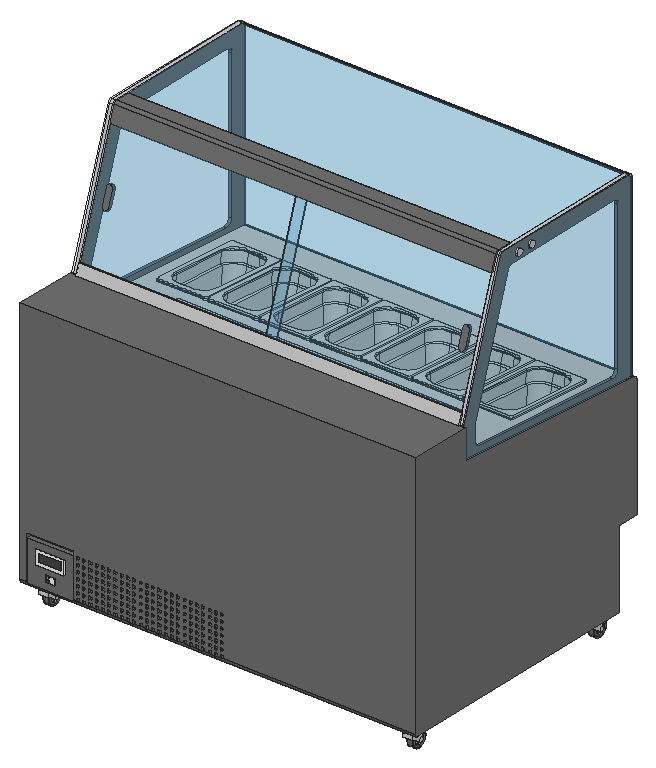
Revit family "QF_BLIZZARD_LUXE9_250923021445", category Specialty Equipment, Revit 2021 (continued)
Definition of nested family "QF_BLIZZARD_SUNDAE9_2920"
  Forms (mm)
    Extrusion 98, solid
      sketch origin (822.5, -314.497, 607.195) x (1, 0, 0) y (0, 0.996764, -0.080384)
        loop
          line (-37, -174) -> (-37, -318)
        loop
          arc (-25.015, -264.5) -> (-10.957, -298.441) -> (22.985, -312.5) r 48
          line (22.985, -312.5) -> (202.015, -312.5)
          arc (202.015, -312.5) -> (235.957, -298.441) -> (250.015, -264.5) r 48
          line (250.015, -264.5) -> (250.015, -227.5)
          arc (250.015, -227.5) -> (235.957, -193.559) -> (202.015, -179.5) r 48
          line (202.015, -179.5) -> (22.985, -179.5)
          arc (22.985, -179.5) -> (-10.957, -193.559) -> (-25.015, -227.5) r 48
          line (-25.015, -227.5) -> (-25.015, -264.5)
      from 140 to 145
    Extrusion 99, solid
      sketch origin (1242.5, -314.898, 602.211) x (1, 0, 0) y (0, 0.996764, -0.080384)
        loop
          arc (-397.015, -202.911) -> (-414.402, -210.113) -> (-421.604, -227.5) r 24.589
          line (-421.604, -227.5) -> (-421.604, -264.5)
          arc (-421.604, -264.5) -> (-414.402, -281.887) -> (-397.015, -289.089) r 24.589
          line (-397.015, -289.089) -> (-217.8, -289.089)
          arc (-217.8, -289.089) -> (-200.544, -281.941) -> (-193.396, -264.685) r 24.404
          line (-193.396, -264.685) -> (-193.396, -227.315)
          arc (-193.396, -227.315) -> (-200.544, -210.059) -> (-217.8, -202.911) r 24.404
          line (-217.8, -202.911) -> (-397.015, -202.911)
      from 0 to 2
    Extrusion 100, solid
      sketch origin (890, -901, -7) x (0, -1, 0) y (0, 0, -1)
        loop
          line (-887, -726.403) -> (-887, -728.41) -> (-222, -782.039) -> (-222, -780.032) -> (-887, -726.403)
      from -870 to 350
    Extrusion 101, void
      sketch origin (268.074, -878.839, 1.994) x (0, -1, 0) y (0, 0, 1)
        loop
          line (-401.082, 788.92) -> (-395.777, 723.133) -> (-390.644, 718.767) -> (-378.909, 631.092)
          arc (-378.909, 631.092) -> (-373.104, 620.491) -> (-361.686, 616.529) r 16.802
          line (-361.686, 616.529) -> (-275.788, 623.456)
          arc (-275.788, 623.456) -> (-265.152, 629.197) -> (-261.121, 640.591) r 16.802
          line (-261.121, 640.591) -> (-263.587, 729.013) -> (-259.22, 734.146) -> (-264.526, 799.932) -> (-401.082, 788.92)
      from -816.426 to 92.574
    Sweep 102, solid
      path origin (212.5, -314.898, 602.211) x (1, 0, 0) y (0, 0.996764, -0.080384)
        loop
          line (22.985, -289.089) -> (202.015, -289.089)
          arc (202.015, -289.089) -> (219.402, -281.887) -> (226.604, -264.5) r 24.589
          line (226.604, -264.5) -> (226.604, -227.5)
          arc (226.604, -227.5) -> (219.402, -210.113) -> (202.015, -202.911) r 24.589
          line (202.015, -202.911) -> (22.985, -202.911)
          arc (22.985, -202.911) -> (5.598, -210.113) -> (-1.604, -227.5) r 24.589
          line (-1.604, -227.5) -> (-1.604, -264.5)
          arc (-1.604, -264.5) -> (5.598, -281.887) -> (22.985, -289.089) r 24.589
      profile origin (325, -603.051, 625.45) x (0, 0.996764, -0.080384) y (0, 0.080384, 0.996764)
        loop
          arc (0, 2) -> (-9.637, 5.845) -> (-13.981, 15.267) r 14
          line (-13.981, 15.267) -> (-18.689, 105.106) -> (-23.411, 109.828) -> (-23.411, 143) -> (-25.411, 143) -> (-25.411, 109) -> (-20.646, 104.235) -> (-15.978, 15.163)
          arc (-15.978, 15.163) -> (-11.014, 4.394) -> (0, 0) r 16
          line (0, 0) -> (0, 2)
    Extrusion 103, solid
      sketch origin (212.5, -314.497, 607.195) x (1, 0, 0) y (0, 0.996764, -0.080384)
        loop
          arc (-37, -318) -> (-35.243, -322.243) -> (-31, -324) r 6
          line (-31, -324) -> (256, -324)
          arc (256, -324) -> (260.243, -322.243) -> (262, -318) r 6
          line (262, -318) -> (262, -174)
          arc (262, -174) -> (260.243, -169.757) -> (256, -168) r 6
          line (256, -168) -> (-31, -168)
          arc (-31, -168) -> (-35.243, -169.757) -> (-37, -174) r 6
          line (-37, -174) -> (-37, -318)
        loop
          arc (-25.015, -264.5) -> (-10.957, -298.441) -> (22.985, -312.5) r 48
          line (22.985, -312.5) -> (202.015, -312.5)
          arc (202.015, -312.5) -> (235.957, -298.441) -> (250.015, -264.5) r 48
          line (250.015, -264.5) -> (250.015, -227.5)
          arc (250.015, -227.5) -> (235.957, -193.559) -> (202.015, -179.5) r 48
          line (202.015, -179.5) -> (22.985, -179.5)
          arc (22.985, -179.5) -> (-10.957, -193.559) -> (-25.015, -227.5) r 48
          line (-25.015, -227.5) -> (-25.015, -264.5)
      from 140 to 145
    Extrusion 104, solid
      sketch origin (632.5, -314.898, 602.211) x (1, 0, 0) y (0, 0.996764, -0.080384)
        loop
          arc (-397.015, -202.911) -> (-414.402, -210.113) -> (-421.604, -227.5) r 24.589
          line (-421.604, -227.5) -> (-421.604, -264.5)
          arc (-421.604, -264.5) -> (-414.402, -281.887) -> (-397.015, -289.089) r 24.589
          line (-397.015, -289.089) -> (-217.8, -289.089)
          arc (-217.8, -289.089) -> (-200.544, -281.941) -> (-193.396, -264.685) r 24.404
          line (-193.396, -264.685) -> (-193.396, -227.315)
          arc (-193.396, -227.315) -> (-200.544, -210.059) -> (-217.8, -202.911) r 24.404
          line (-217.8, -202.911) -> (-397.015, -202.911)
      from 0 to 2
    Sweep 105, solid
      path origin (60, -390, 608.268) x (0, 0.996764, -0.080384) y (-1, 0, 0)
        loop
          line (22.985, -289.089) -> (202.015, -289.089)
          arc (202.015, -289.089) -> (219.402, -281.887) -> (226.604, -264.5) r 24.589
          line (226.604, -264.5) -> (226.604, -227.5)
          arc (226.604, -227.5) -> (219.402, -210.113) -> (202.015, -202.911) r 24.589
          line (202.015, -202.911) -> (22.985, -202.911)
          arc (22.985, -202.911) -> (5.598, -210.113) -> (-1.604, -227.5) r 24.589
          line (-1.604, -227.5) -> (-1.604, -264.5)
          arc (-1.604, -264.5) -> (5.598, -281.887) -> (22.985, -289.089) r 24.589
      profile origin (349.089, -277.864, 599.225) x (-1, 0, 0) y (0, 0.080384, 0.996764)
        loop
          arc (0, 2) -> (-9.637, 5.845) -> (-13.981, 15.267) r 14
          line (-13.981, 15.267) -> (-18.689, 105.106) -> (-23.411, 109.828) -> (-23.411, 143) -> (-25.411, 143) -> (-25.411, 109) -> (-20.646, 104.235) -> (-15.978, 15.163)
          arc (-15.978, 15.163) -> (-11.014, 4.394) -> (0, 0) r 16
          line (0, 0) -> (0, 2)
    Extrusion 106, solid
      sketch origin (60, -389.598, 613.252) x (0, 0.996764, -0.080384) y (-1, 0, 0)
        loop
          line (-40, -174) -> (-40, -318)
          arc (-40, -318) -> (-37.364, -324.364) -> (-31, -327) r 9
          line (-31, -327) -> (256, -327)
          arc (256, -327) -> (262.364, -324.364) -> (265, -318) r 9
          line (265, -318) -> (265, -174)
          arc (265, -174) -> (262.364, -167.636) -> (256, -165) r 9
          line (256, -165) -> (-31, -165)
          arc (-31, -165) -> (-37.364, -167.636) -> (-40, -174) r 9
        loop
          arc (-25.015, -264.5) -> (-10.957, -298.441) -> (22.985, -312.5) r 48
          line (22.985, -312.5) -> (202.2, -312.5)
          arc (202.2, -312.5) -> (236.011, -298.495) -> (250.015, -264.685) r 47.815
          line (250.015, -264.685) -> (250.015, -227.5)
          arc (250.015, -227.5) -> (235.957, -193.559) -> (202.015, -179.5) r 48
          line (202.015, -179.5) -> (22.985, -179.5)
          arc (22.985, -179.5) -> (-10.957, -193.559) -> (-25.015, -227.5) r 48
          line (-25.015, -227.5) -> (-25.015, -264.5)
      from 138 to 140
    Extrusion 107, solid
      sketch origin (60, -389.598, 613.252) x (0, 0.996764, -0.080384) y (-1, 0, 0)
        loop
          arc (-37, -318) -> (-35.243, -322.243) -> (-31, -324) r 6
          line (-31, -324) -> (256, -324)
          arc (256, -324) -> (260.243, -322.243) -> (262, -318) r 6
          line (262, -318) -> (262, -174)
          arc (262, -174) -> (260.243, -169.757) -> (256, -168) r 6
          line (256, -168) -> (-31, -168)
          arc (-31, -168) -> (-35.243, -169.757) -> (-37, -174) r 6
          line (-37, -174) -> (-37, -318)
        loop
          arc (-25.015, -264.5) -> (-10.957, -298.441) -> (22.985, -312.5) r 48
          line (22.985, -312.5) -> (202.015, -312.5)
          arc (202.015, -312.5) -> (235.957, -298.441) -> (250.015, -264.5) r 48
          line (250.015, -264.5) -> (250.015, -227.5)
          arc (250.015, -227.5) -> (235.957, -193.559) -> (202.015, -179.5) r 48
          line (202.015, -179.5) -> (22.985, -179.5)
          arc (22.985, -179.5) -> (-10.957, -193.559) -> (-25.015, -227.5) r 48
          line (-25.015, -227.5) -> (-25.015, -264.5)
      from 140 to 145
    Extrusion 108, solid
      sketch origin (60, 28.641, 574.507) x (0, 0.996764, -0.080384) y (-1, 0, 0)
        loop
          arc (-397.015, -202.911) -> (-414.402, -210.113) -> (-421.604, -227.5) r 24.589
          line (-421.604, -227.5) -> (-421.604, -264.5)
          arc (-421.604, -264.5) -> (-414.402, -281.887) -> (-397.015, -289.089) r 24.589
          line (-397.015, -289.089) -> (-217.8, -289.089)
          arc (-217.8, -289.089) -> (-200.544, -281.941) -> (-193.396, -264.685) r 24.404
          line (-193.396, -264.685) -> (-193.396, -227.315)
          arc (-193.396, -227.315) -> (-200.544, -210.059) -> (-217.8, -202.911) r 24.404
          line (-217.8, -202.911) -> (-397.015, -202.911)
      from 0 to 2
    Sweep 109, solid
      path origin (-102, -390, 608.268) x (0, 0.996764, -0.080384) y (-1, 0, 0)
        loop
          line (22.985, -289.089) -> (202.015, -289.089)
          arc (202.015, -289.089) -> (219.402, -281.887) -> (226.604, -264.5) r 24.589
          line (226.604, -264.5) -> (226.604, -227.5)
          arc (226.604, -227.5) -> (219.402, -210.113) -> (202.015, -202.911) r 24.589
          line (202.015, -202.911) -> (22.985, -202.911)
          arc (22.985, -202.911) -> (5.598, -210.113) -> (-1.604, -227.5) r 24.589
          line (-1.604, -227.5) -> (-1.604, -264.5)
          arc (-1.604, -264.5) -> (5.598, -281.887) -> (22.985, -289.089) r 24.589
      profile origin (187.089, -277.864, 599.225) x (-1, 0, 0) y (0, 0.080384, 0.996764)
        loop
          arc (0, 2) -> (-9.637, 5.845) -> (-13.981, 15.267) r 14
          line (-13.981, 15.267) -> (-18.689, 105.106) -> (-23.411, 109.828) -> (-23.411, 143) -> (-25.411, 143) -> (-25.411, 109) -> (-20.646, 104.235) -> (-15.978, 15.163)
          arc (-15.978, 15.163) -> (-11.014, 4.394) -> (0, 0) r 16
          line (0, 0) -> (0, 2)
    Extrusion 110, solid
      sketch origin (-102, -389.598, 613.252) x (0, 0.996764, -0.080384) y (-1, 0, 0)
        loop
          line (-40, -174) -> (-40, -318)
          arc (-40, -318) -> (-37.364, -324.364) -> (-31, -327) r 9
          line (-31, -327) -> (256, -327)
          arc (256, -327) -> (262.364, -324.364) -> (265, -318) r 9
          line (265, -318) -> (265, -174)
          arc (265, -174) -> (262.364, -167.636) -> (256, -165) r 9
          line (256, -165) -> (-31, -165)
          arc (-31, -165) -> (-37.364, -167.636) -> (-40, -174) r 9
        loop
          arc (-25.015, -264.5) -> (-10.957, -298.441) -> (22.985, -312.5) r 48
          line (22.985, -312.5) -> (202.2, -312.5)
          arc (202.2, -312.5) -> (236.011, -298.495) -> (250.015, -264.685) r 47.815
          line (250.015, -264.685) -> (250.015, -227.5)
          arc (250.015, -227.5) -> (235.957, -193.559) -> (202.015, -179.5) r 48
          line (202.015, -179.5) -> (22.985, -179.5)
          arc (22.985, -179.5) -> (-10.957, -193.559) -> (-25.015, -227.5) r 48
          line (-25.015, -227.5) -> (-25.015, -264.5)
      from 138 to 140
    Extrusion 111, solid
      sketch origin (-102, -389.598, 613.252) x (0, 0.996764, -0.080384) y (-1, 0, 0)
        loop
          arc (-37, -318) -> (-35.243, -322.243) -> (-31, -324) r 6
          line (-31, -324) -> (256, -324)
          arc (256, -324) -> (260.243, -322.243) -> (262, -318) r 6
          line (262, -318) -> (262, -174)
          arc (262, -174) -> (260.243, -169.757) -> (256, -168) r 6
          line (256, -168) -> (-31, -168)
          arc (-31, -168) -> (-35.243, -169.757) -> (-37, -174) r 6
          line (-37, -174) -> (-37, -318)
        loop
          arc (-25.015, -264.5) -> (-10.957, -298.441) -> (22.985, -312.5) r 48
          line (22.985, -312.5) -> (202.015, -312.5)
          arc (202.015, -312.5) -> (235.957, -298.441) -> (250.015, -264.5) r 48
          line (250.015, -264.5) -> (250.015, -227.5)
          arc (250.015, -227.5) -> (235.957, -193.559) -> (202.015, -179.5) r 48
          line (202.015, -179.5) -> (22.985, -179.5)
          arc (22.985, -179.5) -> (-10.957, -193.559) -> (-25.015, -227.5) r 48
          line (-25.015, -227.5) -> (-25.015, -264.5)
      from 140 to 145
    Extrusion 112, solid
      sketch origin (-102, 28.641, 574.507) x (0, 0.996764, -0.080384) y (-1, 0, 0)
        loop
          arc (-397.015, -202.911) -> (-414.402, -210.113) -> (-421.604, -227.5) r 24.589
          line (-421.604, -227.5) -> (-421.604, -264.5)
          arc (-421.604, -264.5) -> (-414.402, -281.887) -> (-397.015, -289.089) r 24.589
          line (-397.015, -289.089) -> (-217.8, -289.089)
          arc (-217.8, -289.089) -> (-200.544, -281.941) -> (-193.396, -264.685) r 24.404
          line (-193.396, -264.685) -> (-193.396, -227.315)
          arc (-193.396, -227.315) -> (-200.544, -210.059) -> (-217.8, -202.911) r 24.404
          line (-217.8, -202.911) -> (-397.015, -202.911)
      from 0 to 2
    Extrusion 113, void
      sketch origin (1080, -880, 0) x (-1, 0, 0) y (0, 0, 1)
        loop
          line (900, 91) -> (890, 91) -> (890, 81) -> (900, 81) -> (900, 91)
        loop
          line (880, 91) -> (870, 91) -> (870, 81) -> (880, 81) -> (880, 91)
        loop
          line (860, 91) -> (850, 91) -> (850, 81) -> (860, 81) -> (860, 91)
        loop
          line (840, 91) -> (830, 91) -> (830, 81) -> (840, 81) -> (840, 91)
        loop
          line (820, 91) -> (810, 91) -> (810, 81) -> (820, 81) -> (820, 91)
        loop
          line (800, 91) -> (790, 91) -> (790, 81) -> (800, 81) -> (800, 91)
        loop
          line (780, 91) -> (770, 91) -> (770, 81) -> (780, 81) -> (780, 91)
        loop
          line (760, 91) -> (750, 91) -> (750, 81) -> (760, 81) -> (760, 91)
        loop
          line (740, 91) -> (730, 91) -> (730, 81) -> (740, 81) -> (740, 91)
        loop
          line (720, 91) -> (710, 91) -> (710, 81) -> (720, 81) -> (720, 91)
        loop
          line (700, 91) -> (690, 91) -> (690, 81) -> (700, 81) -> (700, 91)
        loop
          line (680, 91) -> (670, 91) -> (670, 81) -> (680, 81) -> (680, 91)
        loop
          line (660, 91) -> (650, 91) -> (650, 81) -> (660, 81) -> (660, 91)
        loop
          line (640, 91) -> (630, 91) -> (630, 81) -> (640, 81) -> (640, 91)
        loop
          line (620, 91) -> (610, 91) -> (610, 81) -> (620, 81) -> (620, 91)
        loop
          line (600, 91) -> (590, 91) -> (590, 81) -> (600, 81) -> (600, 91)
        loop
          line (580, 91) -> (570, 91) -> (570, 81) -> (580, 81) -> (580, 91)
        loop
          line (560, 91) -> (550, 91) -> (550, 81) -> (560, 81) -> (560, 91)
        loop
          line (540, 91) -> (530, 91) -> (530, 81) -> (540, 81) -> (540, 91)
        loop
          line (520, 91) -> (510, 91) -> (510, 81) -> (520, 81) -> (520, 91)
        loop
          line (500, 91) -> (490, 91) -> (490, 81) -> (500, 81) -> (500, 91)
        loop
          line (480, 91) -> (470, 91) -> (470, 81) -> (480, 81) -> (480, 91)
        loop
          line (460, 91) -> (450, 91) -> (450, 81) -> (460, 81) -> (460, 91)
        loop
          line (440, 91) -> (430, 91) -> (430, 81) -> (440, 81) -> (440, 91)
        loop
          line (900, 111) -> (890, 111) -> (890, 101) -> (900, 101) -> (900, 111)
        loop
          line (880, 111) -> (870, 111) -> (870, 101) -> (880, 101) -> (880, 111)
        loop
          line (860, 111) -> (850, 111) -> (850, 101) -> (860, 101) -> (860, 111)
        loop
          line (840, 111) -> (830, 111) -> (830, 101) -> (840, 101) -> (840, 111)
        loop
          line (820, 111) -> (810, 111) -> (810, 101) -> (820, 101) -> (820, 111)
        loop
          line (800, 111) -> (790, 111) -> (790, 101) -> (800, 101) -> (800, 111)
        loop
          line (780, 111) -> (770, 111) -> (770, 101) -> (780, 101) -> (780, 111)
        loop
          line (760, 111) -> (750, 111) -> (750, 101) -> (760, 101) -> (760, 111)
        loop
          line (740, 111) -> (730, 111) -> (730, 101) -> (740, 101) -> (740, 111)
        loop
          line (720, 111) -> (710, 111) -> (710, 101) -> (720, 101) -> (720, 111)
        loop
          line (700, 111) -> (690, 111) -> (690, 101) -> (700, 101) -> (700, 111)
        loop
          line (680, 111) -> (670, 111) -> (670, 101) -> (680, 101) -> (680, 111)
        loop
          line (660, 111) -> (650, 111) -> (650, 101) -> (660, 101) -> (660, 111)
        loop
          line (640, 111) -> (630, 111) -> (630, 101) -> (640, 101) -> (640, 111)
        loop
          line (620, 111) -> (610, 111) -> (610, 101) -> (620, 101) -> (620, 111)
        loop
          line (600, 111) -> (590, 111) -> (590, 101) -> (600, 101) -> (600, 111)
        loop
          line (580, 111) -> (570, 111) -> (570, 101) -> (580, 101) -> (580, 111)
        loop
          line (560, 111) -> (550, 111) -> (550, 101) -> (560, 101) -> (560, 111)
        loop
          line (540, 111) -> (530, 111) -> (530, 101) -> (540, 101) -> (540, 111)
        loop
          line (520, 111) -> (510, 111) -> (510, 101) -> (520, 101) -> (520, 111)
        loop
          line (500, 111) -> (490, 111) -> (490, 101) -> (500, 101) -> (500, 111)
        loop
          line (480, 111) -> (470, 111) -> (470, 101) -> (480, 101) -> (480, 111)
        loop
          line (460, 111) -> (450, 111) -> (450, 101) -> (460, 101) -> (460, 111)
        loop
          line (440, 111) -> (430, 111) -> (430, 101) -> (440, 101) -> (440, 111)
        loop
          line (900, 131) -> (890, 131) -> (890, 121) -> (900, 121) -> (900, 131)
        loop
          line (880, 131) -> (870, 131) -> (870, 121) -> (880, 121) -> (880, 131)
        loop
          line (860, 131) -> (850, 131) -> (850, 121) -> (860, 121) -> (860, 131)
        loop
          line (840, 131) -> (830, 131) -> (830, 121) -> (840, 121) -> (840, 131)
        loop
          line (820, 131) -> (810, 131) -> (810, 121) -> (820, 121) -> (820, 131)
        loop
          line (800, 131) -> (790, 131) -> (790, 121) -> (800, 121) -> (800, 131)
        loop
          line (780, 131) -> (770, 131) -> (770, 121) -> (780, 121) -> (780, 131)
        loop
          line (760, 131) -> (750, 131) -> (750, 121) -> (760, 121) -> (760, 131)
        loop
          line (740, 131) -> (730, 131) -> (730, 121) -> (740, 121) -> (740, 131)
        loop
          line (720, 131) -> (710, 131) -> (710, 121) -> (720, 121) -> (720, 131)
        loop
          line (700, 131) -> (690, 131) -> (690, 121) -> (700, 121) -> (700, 131)
        loop
          line (680, 131) -> (670, 131) -> (670, 121) -> (680, 121) -> (680, 131)
        loop
          line (660, 131) -> (650, 131) -> (650, 121) -> (660, 121) -> (660, 131)
        loop
          line (640, 131) -> (630, 131) -> (630, 121) -> (640, 121) -> (640, 131)
        loop
          line (620, 131) -> (610, 131) -> (610, 121) -> (620, 121) -> (620, 131)
        loop
          line (600, 131) -> (590, 131) -> (590, 121) -> (600, 121) -> (600, 131)
        loop
          line (580, 131) -> (570, 131) -> (570, 121) -> (580, 121) -> (580, 131)
        loop
          line (560, 131) -> (550, 131) -> (550, 121) -> (560, 121) -> (560, 131)
        loop
          line (540, 131) -> (530, 131) -> (530, 121) -> (540, 121) -> (540, 131)
        loop
          line (520, 131) -> (510, 131) -> (510, 121) -> (520, 121) -> (520, 131)
        loop
          line (500, 131) -> (490, 131) -> (490, 121) -> (500, 121) -> (500, 131)
        loop
          line (480, 131) -> (470, 131) -> (470, 121) -> (480, 121) -> (480, 131)
        loop
          line (460, 131) -> (450, 131) -> (450, 121) -> (460, 121) -> (460, 131)
        loop
          line (440, 131) -> (430, 131) -> (430, 121) -> (440, 121) -> (440, 131)
        loop
          line (900, 151) -> (890, 151) -> (890, 141) -> (900, 141) -> (900, 151)
        loop
          line (880, 151) -> (870, 151) -> (870, 141) -> (880, 141) -> (880, 151)
        loop
          line (860, 151) -> (850, 151) -> (850, 141) -> (860, 141) -> (860, 151)
        loop
          line (840, 151) -> (830, 151) -> (830, 141) -> (840, 141) -> (840, 151)
        loop
          line (820, 151) -> (810, 151) -> (810, 141) -> (820, 141) -> (820, 151)
        loop
          line (800, 151) -> (790, 151) -> (790, 141) -> (800, 141) -> (800, 151)
        loop
          line (780, 151) -> (770, 151) -> (770, 141) -> (780, 141) -> (780, 151)
        loop
          line (760, 151) -> (750, 151) -> (750, 141) -> (760, 141) -> (760, 151)
        loop
          line (740, 151) -> (730, 151) -> (730, 141) -> (740, 141) -> (740, 151)
        loop
          line (720, 151) -> (710, 151) -> (710, 141) -> (720, 141) -> (720, 151)
        loop
          line (700, 151) -> (690, 151) -> (690, 141) -> (700, 141) -> (700, 151)
        loop
          line (680, 151) -> (670, 151) -> (670, 141) -> (680, 141) -> (680, 151)
        loop
          line (660, 151) -> (650, 151) -> (650, 141) -> (660, 141) -> (660, 151)
        loop
          line (640, 151) -> (630, 151) -> (630, 141) -> (640, 141) -> (640, 151)
        loop
          line (620, 151) -> (610, 151) -> (610, 141) -> (620, 141) -> (620, 151)
        loop
          line (600, 151) -> (590, 151) -> (590, 141) -> (600, 141) -> (600, 151)
        loop
          line (580, 151) -> (570, 151) -> (570, 141) -> (580, 141) -> (580, 151)
        loop
          line (560, 151) -> (550, 151) -> (550, 141) -> (560, 141) -> (560, 151)
        loop
          line (540, 151) -> (530, 151) -> (530, 141) -> (540, 141) -> (540, 151)
        loop
          line (520, 151) -> (510, 151) -> (510, 141) -> (520, 141) -> (520, 151)
        loop
          line (500, 151) -> (490, 151) -> (490, 141) -> (500, 141) -> (500, 151)
        loop
          line (480, 151) -> (470, 151) -> (470, 141) -> (480, 141) -> (480, 151)
        loop
          line (460, 151) -> (450, 151) -> (450, 141) -> (460, 141) -> (460, 151)
        loop
          line (440, 151) -> (430, 151) -> (430, 141) -> (440, 141) -> (440, 151)
        loop
          line (900, 171) -> (890, 171) -> (890, 161) -> (900, 161) -> (900, 171)
        loop
          line (880, 171) -> (870, 171) -> (870, 161) -> (880, 161) -> (880, 171)
        loop
          line (860, 171) -> (850, 171) -> (850, 161) -> (860, 161) -> (860, 171)
        loop
          line (840, 171) -> (830, 171) -> (830, 161) -> (840, 161) -> (840, 171)
        loop
          line (820, 171) -> (810, 171) -> (810, 161) -> (820, 161) -> (820, 171)
        loop
          line (800, 171) -> (790, 171) -> (790, 161) -> (800, 161) -> (800, 171)
        loop
          line (780, 171) -> (770, 171) -> (770, 161) -> (780, 161) -> (780, 171)
        loop
          line (760, 171) -> (750, 171) -> (750, 161) -> (760, 161) -> (760, 171)
        loop
          line (740, 171) -> (730, 171) -> (730, 161) -> (740, 161) -> (740, 171)
        loop
          line (720, 171) -> (710, 171) -> (710, 161) -> (720, 161) -> (720, 171)
        loop
          line (700, 171) -> (690, 171) -> (690, 161) -> (700, 161) -> (700, 171)
        loop
          line (680, 171) -> (670, 171) -> (670, 161) -> (680, 161) -> (680, 171)
        loop
          line (660, 171) -> (650, 171) -> (650, 161) -> (660, 161) -> (660, 171)
        loop
          line (640, 171) -> (630, 171) -> (630, 161) -> (640, 161) -> (640, 171)
        loop
          line (620, 171) -> (610, 171) -> (610, 161) -> (620, 161) -> (620, 171)
        loop
          line (600, 171) -> (590, 171) -> (590, 161) -> (600, 161) -> (600, 171)
        loop
          line (580, 171) -> (570, 171) -> (570, 161) -> (580, 161) -> (580, 171)
        loop
          line (560, 171) -> (550, 171) -> (550, 161) -> (560, 161) -> (560, 171)
        loop
          line (540, 171) -> (530, 171) -> (530, 161) -> (540, 161) -> (540, 171)
        loop
          line (520, 171) -> (510, 171) -> (510, 161) -> (520, 161) -> (520, 171)
        loop
          line (500, 171) -> (490, 171) -> (490, 161) -> (500, 161) -> (500, 171)
        loop
          line (480, 171) -> (470, 171) -> (470, 161) -> (480, 161) -> (480, 171)
        loop
          line (460, 171) -> (450, 171) -> (450, 161) -> (460, 161) -> (460, 171)
        loop
          line (440, 171) -> (430, 171) -> (430, 161) -> (440, 161) -> (440, 171)
        loop
          line (900, 191) -> (890, 191) -> (890, 181) -> (900, 181) -> (900, 191)
        loop
          line (880, 191) -> (870, 191) -> (870, 181) -> (880, 181) -> (880, 191)
        loop
          line (860, 191) -> (850, 191) -> (850, 181) -> (860, 181) -> (860, 191)
        loop
          line (840, 191) -> (830, 191) -> (830, 181) -> (840, 181) -> (840, 191)
        loop
          line (820, 191) -> (810, 191) -> (810, 181) -> (820, 181) -> (820, 191)
        loop
          line (800, 191) -> (790, 191) -> (790, 181) -> (800, 181) -> (800, 191)
        loop
          line (780, 191) -> (770, 191) -> (770, 181) -> (780, 181) -> (780, 191)
        loop
          line (760, 191) -> (750, 191) -> (750, 181) -> (760, 181) -> (760, 191)
        loop
          line (740, 191) -> (730, 191) -> (730, 181) -> (740, 181) -> (740, 191)
        loop
          line (720, 191) -> (710, 191) -> (710, 181) -> (720, 181) -> (720, 191)
        loop
          line (700, 191) -> (690, 191) -> (690, 181) -> (700, 181) -> (700, 191)
        loop
          line (680, 191) -> (670, 191) -> (670, 181) -> (680, 181) -> (680, 191)
        loop
          line (660, 191) -> (650, 191) -> (650, 181) -> (660, 181) -> (660, 191)
        loop
          line (640, 191) -> (630, 191) -> (630, 181) -> (640, 181) -> (640, 191)
        loop
          line (620, 191) -> (610, 191) -> (610, 181) -> (620, 181) -> (620, 191)
        loop
          line (600, 191) -> (590, 191) -> (590, 181) -> (600, 181) -> (600, 191)
        loop
          line (580, 191) -> (570, 191) -> (570, 181) -> (580, 181) -> (580, 191)
        loop
          line (560, 191) -> (550, 191) -> (550, 181) -> (560, 181) -> (560, 191)
        loop
          line (540, 191) -> (530, 191) -> (530, 181) -> (540, 181) -> (540, 191)
        loop
          line (520, 191) -> (510, 191) -> (510, 181) -> (520, 181) -> (520, 191)
        loop
          line (500, 191) -> (490, 191) -> (490, 181) -> (500, 181) -> (500, 191)
        loop
          line (480, 191) -> (470, 191) -> (470, 181) -> (480, 181) -> (480, 191)
        loop
          line (460, 191) -> (450, 191) -> (450, 181) -> (460, 181) -> (460, 191)
        loop
          line (440, 191) -> (430, 191) -> (430, 181) -> (440, 181) -> (440, 191)
        loop
          line (900, 211) -> (890, 211) -> (890, 201) -> (900, 201) -> (900, 211)
        loop
          line (880, 211) -> (870, 211) -> (870, 201) -> (880, 201) -> (880, 211)
        loop
          line (860, 211) -> (850, 211) -> (850, 201) -> (860, 201) -> (860, 211)
        loop
          line (840, 211) -> (830, 211) -> (830, 201) -> (840, 201) -> (840, 211)
        loop
          line (820, 211) -> (810, 211) -> (810, 201) -> (820, 201) -> (820, 211)
        loop
          line (800, 211) -> (790, 211) -> (790, 201) -> (800, 201) -> (800, 211)
        loop
          line (780, 211) -> (770, 211) -> (770, 201) -> (780, 201) -> (780, 211)
        loop
          line (760, 211) -> (750, 211) -> (750, 201) -> (760, 201) -> (760, 211)
        loop
          line (740, 211) -> (730, 211) -> (730, 201) -> (740, 201) -> (740, 211)
        loop
          line (720, 211) -> (710, 211) -> (710, 201) -> (720, 201) -> (720, 211)
        loop
          line (700, 211) -> (690, 211) -> (690, 201) -> (700, 201) -> (700, 211)
        loop
          line (680, 211) -> (670, 211) -> (670, 201) -> (680, 201) -> (680, 211)
        loop
          line (660, 211) -> (650, 211) -> (650, 201) -> (660, 201) -> (660, 211)
        loop
          line (640, 211) -> (630, 211) -> (630, 201) -> (640, 201) -> (640, 211)
        loop
          line (620, 211) -> (610, 211) -> (610, 201) -> (620, 201) -> (620, 211)
        loop
          line (600, 211) -> (590, 211) -> (590, 201) -> (600, 201) -> (600, 211)
        loop
          line (580, 211) -> (570, 211) -> (570, 201) -> (580, 201) -> (580, 211)
        loop
          line (560, 211) -> (550, 211) -> (550, 201) -> (560, 201) -> (560, 211)
        loop
          line (540, 211) -> (530, 211) -> (530, 201) -> (540, 201) -> (540, 211)
        loop
          line (520, 211) -> (510, 211) -> (510, 201) -> (520, 201) -> (520, 211)
        loop
          line (500, 211) -> (490, 211) -> (490, 201) -> (500, 201) -> (500, 211)
        loop
          line (480, 211) -> (470, 211) -> (470, 201) -> (480, 201) -> (480, 211)
        loop
          line (460, 211) -> (450, 211) -> (450, 201) -> (460, 201) -> (460, 211)
        loop
          line (440, 211) -> (430, 211) -> (430, 201) -> (440, 201) -> (440, 211)
      from 0 to 2
    Extrusion 114, void
      sketch origin (910, -879, 0) x (0, -1, 0) y (0, 0, 1)
        loop
          line (1, 71) -> (1, 221) -> (-19, 221) -> (-19, 206) -> (-1, 206) -> (-1, 71) -> (1, 71)
      from 740 to 890
    Extrusion 115, solid
      sketch origin (910, -878.5, 0) x (-1, 0, 0) y (0, 0, 1)
        loop
          line (860, 186) -> (770, 186) -> (770, 141) -> (860, 141) -> (860, 186)
        loop
          line (780, 151) -> (850, 151) -> (850, 176) -> (780, 176) -> (780, 151)
      from 0 to 2
    Extrusion 116, solid
      sketch origin (910, -878.5, -2) x (-1, 0, 0) y (0, 0, 1)
        loop
          line (850, 178) -> (780, 178) -> (780, 153) -> (850, 153) -> (850, 178)
      from 0 to 2
    Extrusion 117, solid
      sketch origin (910, -878.5, -45) x (-1, 0, 0) y (0, 0, 1)
        loop
          line (830, 166) -> (800, 166) -> (800, 146) -> (830, 146) -> (830, 166)
      from 0 to 2
    Extrusion 118, solid
      sketch origin (910, -879, -49.5) x (-1, 0, 0) y (0, 0, 1)
        loop
          line (825, 168) -> (820, 168) -> (820, 163) -> (825, 163) -> (825, 168)
      from 0 to 2
    Extrusion 119, solid
      sketch origin (910, -879, -59.5) x (-1, 0, 0) y (0, 0, 1)
        loop
          line (825, 168) -> (820, 168) -> (820, 163) -> (825, 163) -> (825, 168)
      from 0 to 2
  Cuts and joins
    Extrusion 44 cuts Extrusion 1
    Extrusion 46 cuts Extrusion 22
    Extrusion 43 cuts Extrusion 11
    Extrusion 45 cuts Extrusion 32
    Extrusion 85, Extrusion 91, Extrusion 101, Extrusion 113, Extrusion 114 cuts Extrusion 53
    Extrusion 85, Extrusion 101 cuts Extrusion 100
  Lines and regions (mm)
    symbolic lines
      curve 1: line (0, -879, 0) -> (1260, -879, 0)
      curve 2: line (1260, -879, 0) -> (1260, 1, 0)
      curve 3: line (0, 1, 0) -> (0, -879, 0)
      curve 4: line (1260, 1, 0) -> (0, 1, 0)
      curve 5: line (1197, -409.405, 0) -> (1197, -123.333, 0)
      curve 6: line (1194, -409.003, 0) -> (1194, -122.932, 0)
      curve 7: spline (1188, -414.983, 0) -> (1188.783, -414.932, 0) -> (1189.553, -414.78, 0) -> (1190.296, -414.528, 0) -> (1191, -414.182, 0) -> (1191.653, -413.748, 0) -> (1192.243, -413.232, 0) -> (1192.76, -412.644, 0) -> (1193.196, -411.993, 0) -> (1193.543, -411.292, 0) -> (1193.796, -410.551, 0) -> (1193.949, -409.783, 0) -> (1194, -409.003, 0)
      curve 8: line (1044, -414.983, 0) -> (1188, -414.983, 0)
      curve 9: line (1044, -418.376, 0) -> (1188, -418.376, 0)
      curve 10: spline (1188, -418.376, 0) -> (1189.175, -418.299, 0) -> (1190.329, -418.07, 0) -> (1191.444, -417.693, 0) -> (1192.5, -417.174, 0) -> (1193.479, -416.522, 0) -> (1194.364, -415.748, 0) -> (1195.14, -414.866, 0) -> (1195.794, -413.89, 0) -> (1196.315, -412.838, 0) -> (1196.693, -411.727, 0) -> (1196.923, -410.576, 0) -> (1197, -409.405, 0)
      curve 11: spline (1038, -409.003, 0) -> (1038.051, -409.783, 0) -> (1038.204, -410.551, 0) -> (1038.457, -411.292, 0) -> (1038.804, -411.993, 0) -> (1039.24, -412.644, 0) -> (1039.757, -413.232, 0) -> (1040.347, -413.748, 0) -> (1041, -414.182, 0) -> (1041.704, -414.528, 0) -> (1042.447, -414.78, 0) -> (1043.217, -414.932, 0) -> (1044, -414.983, 0)
      curve 12: spline (1035, -409.405, 0) -> (1035.077, -410.576, 0) -> (1035.307, -411.727, 0) -> (1035.685, -412.838, 0) -> (1036.206, -413.89, 0) -> (1036.86, -414.866, 0) -> (1037.636, -415.748, 0) -> (1038.521, -416.522, 0) -> (1039.5, -417.174, 0) -> (1040.556, -417.693, 0) -> (1041.671, -418.07, 0) -> (1042.825, -418.299, 0) -> (1044, -418.376, 0)
      curve 13: line (1038, -122.932, 0) -> (1038, -409.003, 0)
      curve 14: line (1035, -123.333, 0) -> (1035, -409.405, 0)
      curve 15: spline (1194, -122.932, 0) -> (1193.949, -122.151, 0) -> (1193.796, -121.384, 0) -> (1193.543, -120.643, 0) -> (1193.196, -119.941, 0) -> (1192.76, -119.291, 0) -> (1192.243, -118.703, 0) -> (1191.653, -118.187, 0) -> (1191, -117.752, 0) -> (1190.296, -117.406, 0) -> (1189.553, -117.155, 0) -> (1188.783, -117.002, 0) -> (1188, -116.951, 0)
      curve 16: spline (1197, -123.333, 0) -> (1196.923, -122.163, 0) -> (1196.693, -121.012, 0) -> (1196.315, -119.9, 0) -> (1195.794, -118.848, 0) -> (1195.14, -117.872, 0) -> (1194.364, -116.99, 0) -> (1193.479, -116.216, 0) -> (1192.5, -115.564, 0) -> (1191.444, -115.045, 0) -> (1190.329, -114.668, 0) -> (1189.175, -114.439, 0) -> (1188, -114.363, 0)
      curve 17: line (1188, -114.363, 0) -> (1044, -114.363, 0)
      curve 18: line (1188, -116.951, 0) -> (1044, -116.951, 0)
      curve 19: spline (1044, -116.951, 0) -> (1043.217, -117.002, 0) -> (1042.447, -117.155, 0) -> (1041.704, -117.406, 0) -> (1041, -117.752, 0) -> (1040.347, -118.187, 0) -> (1039.757, -118.703, 0) -> (1039.24, -119.291, 0) -> (1038.804, -119.941, 0) -> (1038.457, -120.643, 0) -> (1038.204, -121.384, 0) -> (1038.051, -122.151, 0) -> (1038, -122.932, 0)
      curve 20: spline (1044, -114.363, 0) -> (1042.825, -114.439, 0) -> (1041.671, -114.668, 0) -> (1040.556, -115.045, 0) -> (1039.5, -115.564, 0) -> (1038.521, -116.216, 0) -> (1037.636, -116.99, 0) -> (1036.86, -117.872, 0) -> (1036.206, -118.848, 0) -> (1035.685, -119.9, 0) -> (1035.307, -121.012, 0) -> (1035.077, -122.163, 0) -> (1035, -123.333, 0)
      curve 21: spline (1182.5, -355.193, 0) -> (1182.089, -361.438, 0) -> (1180.864, -367.576, 0) -> (1178.846, -373.502, 0) -> (1176.069, -379.115, 0) -> (1172.581, -384.319, 0) -> (1168.441, -389.024, 0) -> (1163.721, -393.151, 0) -> (1158.5, -396.628, 0) -> (1152.869, -399.396, 0) -> (1146.923, -401.407, 0) -> (1140.765, -402.628, 0) -> (1134.5, -403.038, 0)
      curve 22: line (1134.5, -403.038, 0) -> (1097.5, -403.038, 0)
      curve 23: spline (1097.5, -403.038, 0) -> (1091.235, -402.628, 0) -> (1085.077, -401.407, 0) -> (1079.131, -399.396, 0) -> (1073.5, -396.628, 0) -> (1068.279, -393.151, 0) -> (1063.559, -389.024, 0) -> (1059.419, -384.319, 0) -> (1055.931, -379.115, 0) -> (1053.154, -373.502, 0) -> (1051.136, -367.576, 0) -> (1049.911, -361.438, 0) -> (1049.5, -355.193, 0)
      curve 24: line (1049.5, -355.193, 0) -> (1049.5, -176.741, 0)
      curve 25: line (1182.5, -176.741, 0) -> (1182.5, -355.193, 0)
      curve 26: spline (1049.5, -176.741, 0) -> (1049.911, -170.496, 0) -> (1051.136, -164.358, 0) -> (1053.154, -158.432, 0) -> (1055.931, -152.819, 0) -> (1059.419, -147.615, 0) -> (1063.559, -142.91, 0) -> (1068.279, -138.784, 0) -> (1073.5, -135.307, 0) -> (1079.131, -132.539, 0) -> (1085.077, -130.527, 0) -> (1091.235, -129.306, 0) -> (1097.5, -128.897, 0)
      curve 27: line (1097.5, -128.897, 0) -> (1134.5, -128.897, 0)
      curve 28: spline (1134.5, -128.897, 0) -> (1140.765, -129.306, 0) -> (1146.923, -130.527, 0) -> (1152.869, -132.539, 0) -> (1158.5, -135.307, 0) -> (1163.721, -138.784, 0) -> (1168.441, -142.91, 0) -> (1172.581, -147.615, 0) -> (1176.069, -152.819, 0) -> (1178.846, -158.432, 0) -> (1180.864, -164.358, 0) -> (1182.089, -170.496, 0) -> (1182.5, -176.741, 0)
      curve 29: line (1032, -409.003, 0) -> (1032, -122.932, 0)
      curve 30: spline (1026, -414.983, 0) -> (1026.783, -414.932, 0) -> (1027.553, -414.78, 0) -> (1028.296, -414.528, 0) -> (1029, -414.182, 0) -> (1029.653, -413.748, 0) -> (1030.243, -413.232, 0) -> (1030.76, -412.644, 0) -> (1031.196, -411.993, 0) -> (1031.543, -411.292, 0) -> (1031.796, -410.551, 0) -> (1031.949, -409.783, 0) -> (1032, -409.003, 0)
      curve 31: line (882, -414.983, 0) -> (1026, -414.983, 0)
      curve 32: line (882, -418.376, 0) -> (1026, -418.376, 0)
      curve 33: spline (1026, -418.376, 0) -> (1027.175, -418.299, 0) -> (1028.329, -418.07, 0) -> (1029.444, -417.693, 0) -> (1030.5, -417.174, 0) -> (1031.479, -416.522, 0) -> (1032.364, -415.748, 0) -> (1033.14, -414.866, 0) -> (1033.794, -413.89, 0) -> (1034.315, -412.838, 0) -> (1034.693, -411.727, 0) -> (1034.923, -410.576, 0) -> (1035, -409.405, 0)
      curve 34: spline (876, -409.003, 0) -> (876.051, -409.783, 0) -> (876.204, -410.551, 0) -> (876.457, -411.292, 0) -> (876.804, -411.993, 0) -> (877.24, -412.644, 0) -> (877.757, -413.232, 0) -> (878.347, -413.748, 0) -> (879, -414.182, 0) -> (879.704, -414.528, 0) -> (880.447, -414.78, 0) -> (881.217, -414.932, 0) -> (882, -414.983, 0)
      curve 35: spline (873, -409.405, 0) -> (873.077, -410.576, 0) -> (873.307, -411.727, 0) -> (873.685, -412.838, 0) -> (874.206, -413.89, 0) -> (874.86, -414.866, 0) -> (875.636, -415.748, 0) -> (876.521, -416.522, 0) -> (877.5, -417.174, 0) -> (878.556, -417.693, 0) -> (879.671, -418.07, 0) -> (880.825, -418.299, 0) -> (882, -418.376, 0)
      curve 36: line (876, -122.932, 0) -> (876, -409.003, 0)
      curve 37: line (873, -123.333, 0) -> (873, -409.405, 0)
      curve 38: spline (1032, -122.932, 0) -> (1031.949, -122.151, 0) -> (1031.796, -121.384, 0) -> (1031.543, -120.643, 0) -> (1031.196, -119.941, 0) -> (1030.76, -119.291, 0) -> (1030.243, -118.703, 0) -> (1029.653, -118.187, 0) -> (1029, -117.752, 0) -> (1028.296, -117.406, 0) -> (1027.553, -117.155, 0) -> (1026.783, -117.002, 0) -> (1026, -116.951, 0)
      curve 39: spline (1035, -123.333, 0) -> (1034.923, -122.163, 0) -> (1034.693, -121.012, 0) -> (1034.315, -119.9, 0) -> (1033.794, -118.848, 0) -> (1033.14, -117.872, 0) -> (1032.364, -116.99, 0) -> (1031.479, -116.216, 0) -> (1030.5, -115.564, 0) -> (1029.444, -115.045, 0) -> (1028.329, -114.668, 0) -> (1027.175, -114.439, 0) -> (1026, -114.363, 0)
      curve 40: line (1026, -114.363, 0) -> (882, -114.363, 0)
      curve 41: line (1026, -116.951, 0) -> (882, -116.951, 0)
      curve 42: spline (882, -116.951, 0) -> (881.217, -117.002, 0) -> (880.447, -117.155, 0) -> (879.704, -117.406, 0) -> (879, -117.752, 0) -> (878.347, -118.187, 0) -> (877.757, -118.703, 0) -> (877.24, -119.291, 0) -> (876.804, -119.941, 0) -> (876.457, -120.643, 0) -> (876.204, -121.384, 0) -> (876.051, -122.151, 0) -> (876, -122.932, 0)
      curve 43: spline (882, -114.363, 0) -> (880.825, -114.439, 0) -> (879.671, -114.668, 0) -> (878.556, -115.045, 0) -> (877.5, -115.564, 0) -> (876.521, -116.216, 0) -> (875.636, -116.99, 0) -> (874.86, -117.872, 0) -> (874.206, -118.848, 0) -> (873.685, -119.9, 0) -> (873.307, -121.012, 0) -> (873.077, -122.163, 0) -> (873, -123.333, 0)
      curve 44: spline (1020.5, -355.193, 0) -> (1020.089, -361.438, 0) -> (1018.864, -367.576, 0) -> (1016.846, -373.502, 0) -> (1014.069, -379.115, 0) -> (1010.581, -384.319, 0) -> (1006.441, -389.024, 0) -> (1001.721, -393.151, 0) -> (996.5, -396.628, 0) -> (990.869, -399.396, 0) -> (984.923, -401.407, 0) -> (978.765, -402.628, 0) -> (972.5, -403.038, 0)
      curve 45: line (972.5, -403.038, 0) -> (935.5, -403.038, 0)
      curve 46: spline (935.5, -403.038, 0) -> (929.235, -402.628, 0) -> (923.077, -401.407, 0) -> (917.131, -399.396, 0) -> (911.5, -396.628, 0) -> (906.279, -393.151, 0) -> (901.559, -389.024, 0) -> (897.419, -384.319, 0) -> (893.931, -379.115, 0) -> (891.154, -373.502, 0) -> (889.136, -367.576, 0) -> (887.911, -361.438, 0) -> (887.5, -355.193, 0)
      curve 47: line (887.5, -355.193, 0) -> (887.5, -176.741, 0)
      curve 48: line (1020.5, -176.741, 0) -> (1020.5, -355.193, 0)
      curve 49: spline (887.5, -176.741, 0) -> (887.911, -170.496, 0) -> (889.136, -164.358, 0) -> (891.154, -158.432, 0) -> (893.931, -152.819, 0) -> (897.419, -147.615, 0) -> (901.559, -142.91, 0) -> (906.279, -138.784, 0) -> (911.5, -135.307, 0) -> (917.131, -132.539, 0) -> (923.077, -130.527, 0) -> (929.235, -129.306, 0) -> (935.5, -128.897, 0)
      curve 50: line (935.5, -128.897, 0) -> (972.5, -128.897, 0)
      curve 51: spline (972.5, -128.897, 0) -> (978.765, -129.306, 0) -> (984.923, -130.527, 0) -> (990.869, -132.539, 0) -> (996.5, -135.307, 0) -> (1001.721, -138.784, 0) -> (1006.441, -142.91, 0) -> (1010.581, -147.615, 0) -> (1014.069, -152.819, 0) -> (1016.846, -158.432, 0) -> (1018.864, -164.358, 0) -> (1020.089, -170.496, 0) -> (1020.5, -176.741, 0)
      curve 52: line (870, -409.003, 0) -> (870, -122.932, 0)
      curve 53: spline (864, -414.983, 0) -> (864.783, -414.932, 0) -> (865.553, -414.78, 0) -> (866.296, -414.528, 0) -> (867, -414.182, 0) -> (867.653, -413.748, 0) -> (868.243, -413.232, 0) -> (868.76, -412.644, 0) -> (869.196, -411.993, 0) -> (869.543, -411.292, 0) -> (869.796, -410.551, 0) -> (869.949, -409.783, 0) -> (870, -409.003, 0)
      curve 54: line (720, -414.983, 0) -> (864, -414.983, 0)
      curve 55: line (720, -418.376, 0) -> (864, -418.376, 0)
      curve 56: spline (864, -418.376, 0) -> (865.175, -418.299, 0) -> (866.329, -418.07, 0) -> (867.444, -417.693, 0) -> (868.5, -417.174, 0) -> (869.479, -416.522, 0) -> (870.364, -415.748, 0) -> (871.14, -414.866, 0) -> (871.794, -413.89, 0) -> (872.315, -412.838, 0) -> (872.693, -411.727, 0) -> (872.923, -410.576, 0) -> (873, -409.405, 0)
      curve 57: spline (714, -409.003, 0) -> (714.051, -409.783, 0) -> (714.204, -410.551, 0) -> (714.457, -411.292, 0) -> (714.804, -411.993, 0) -> (715.24, -412.644, 0) -> (715.757, -413.232, 0) -> (716.347, -413.748, 0) -> (717, -414.182, 0) -> (717.704, -414.528, 0) -> (718.447, -414.78, 0) -> (719.217, -414.932, 0) -> (720, -414.983, 0)
      curve 58: spline (711, -409.405, 0) -> (711.077, -410.576, 0) -> (711.307, -411.727, 0) -> (711.685, -412.838, 0) -> (712.206, -413.89, 0) -> (712.86, -414.866, 0) -> (713.636, -415.748, 0) -> (714.521, -416.522, 0) -> (715.5, -417.174, 0) -> (716.556, -417.693, 0) -> (717.671, -418.07, 0) -> (718.825, -418.299, 0) -> (720, -418.376, 0)
      curve 59: line (714, -122.932, 0) -> (714, -409.003, 0)
      curve 60: line (711, -123.333, 0) -> (711, -409.405, 0)
      curve 61: spline (870, -122.932, 0) -> (869.949, -122.151, 0) -> (869.796, -121.384, 0) -> (869.543, -120.643, 0) -> (869.196, -119.941, 0) -> (868.76, -119.291, 0) -> (868.243, -118.703, 0) -> (867.653, -118.187, 0) -> (867, -117.752, 0) -> (866.296, -117.406, 0) -> (865.553, -117.155, 0) -> (864.783, -117.002, 0) -> (864, -116.951, 0)
      curve 62: spline (873, -123.333, 0) -> (872.923, -122.163, 0) -> (872.693, -121.012, 0) -> (872.315, -119.9, 0) -> (871.794, -118.848, 0) -> (871.14, -117.872, 0) -> (870.364, -116.99, 0) -> (869.479, -116.216, 0) -> (868.5, -115.564, 0) -> (867.444, -115.045, 0) -> (866.329, -114.668, 0) -> (865.175, -114.439, 0) -> (864, -114.363, 0)
      curve 63: line (864, -114.363, 0) -> (720, -114.363, 0)
      curve 64: line (864, -116.951, 0) -> (720, -116.951, 0)
      curve 65: spline (720, -116.951, 0) -> (719.217, -117.002, 0) -> (718.447, -117.155, 0) -> (717.704, -117.406, 0) -> (717, -117.752, 0) -> (716.347, -118.187, 0) -> (715.757, -118.703, 0) -> (715.24, -119.291, 0) -> (714.804, -119.941, 0) -> (714.457, -120.643, 0) -> (714.204, -121.384, 0) -> (714.051, -122.151, 0) -> (714, -122.932, 0)
      curve 66: spline (720, -114.363, 0) -> (718.825, -114.439, 0) -> (717.671, -114.668, 0) -> (716.556, -115.045, 0) -> (715.5, -115.564, 0) -> (714.521, -116.216, 0) -> (713.636, -116.99, 0) -> (712.86, -117.872, 0) -> (712.206, -118.848, 0) -> (711.685, -119.9, 0) -> (711.307, -121.012, 0) -> (711.077, -122.163, 0) -> (711, -123.333, 0)
      curve 67: spline (858.5, -355.193, 0) -> (858.089, -361.438, 0) -> (856.864, -367.576, 0) -> (854.846, -373.502, 0) -> (852.069, -379.115, 0) -> (848.581, -384.319, 0) -> (844.441, -389.024, 0) -> (839.721, -393.151, 0) -> (834.5, -396.628, 0) -> (828.869, -399.396, 0) -> (822.923, -401.407, 0) -> (816.765, -402.628, 0) -> (810.5, -403.038, 0)
      curve 68: line (810.5, -403.038, 0) -> (773.5, -403.038, 0)
      curve 69: spline (773.5, -403.038, 0) -> (767.235, -402.628, 0) -> (761.077, -401.407, 0) -> (755.131, -399.396, 0) -> (749.5, -396.628, 0) -> (744.279, -393.151, 0) -> (739.559, -389.024, 0) -> (735.419, -384.319, 0) -> (731.931, -379.115, 0) -> (729.154, -373.502, 0) -> (727.136, -367.576, 0) -> (725.911, -361.438, 0) -> (725.5, -355.193, 0)
      curve 70: line (725.5, -355.193, 0) -> (725.5, -176.741, 0)
      curve 71: line (858.5, -176.741, 0) -> (858.5, -355.193, 0)
      curve 72: spline (725.5, -176.741, 0) -> (725.911, -170.496, 0) -> (727.136, -164.358, 0) -> (729.154, -158.432, 0) -> (731.931, -152.819, 0) -> (735.419, -147.615, 0) -> (739.559, -142.91, 0) -> (744.279, -138.784, 0) -> (749.5, -135.307, 0) -> (755.131, -132.539, 0) -> (761.077, -130.527, 0) -> (767.235, -129.306, 0) -> (773.5, -128.897, 0)
      curve 73: line (773.5, -128.897, 0) -> (810.5, -128.897, 0)
      curve 74: spline (810.5, -128.897, 0) -> (816.765, -129.306, 0) -> (822.923, -130.527, 0) -> (828.869, -132.539, 0) -> (834.5, -135.307, 0) -> (839.721, -138.784, 0) -> (844.441, -142.91, 0) -> (848.581, -147.615, 0) -> (852.069, -152.819, 0) -> (854.846, -158.432, 0) -> (856.864, -164.358, 0) -> (858.089, -170.496, 0) -> (858.5, -176.741, 0)
      curve 75: line (708, -409.003, 0) -> (708, -122.932, 0)
      curve 76: spline (702, -414.983, 0) -> (702.783, -414.932, 0) -> (703.553, -414.78, 0) -> (704.296, -414.528, 0) -> (705, -414.182, 0) -> (705.653, -413.748, 0) -> (706.243, -413.232, 0) -> (706.76, -412.644, 0) -> (707.196, -411.993, 0) -> (707.543, -411.292, 0) -> (707.796, -410.551, 0) -> (707.949, -409.783, 0) -> (708, -409.003, 0)
      curve 77: line (558, -414.983, 0) -> (702, -414.983, 0)
      curve 78: line (558, -418.376, 0) -> (702, -418.376, 0)
      curve 79: spline (702, -418.376, 0) -> (703.175, -418.299, 0) -> (704.329, -418.07, 0) -> (705.444, -417.693, 0) -> (706.5, -417.174, 0) -> (707.479, -416.522, 0) -> (708.364, -415.748, 0) -> (709.14, -414.866, 0) -> (709.794, -413.89, 0) -> (710.315, -412.838, 0) -> (710.693, -411.727, 0) -> (710.923, -410.576, 0) -> (711, -409.405, 0)
      curve 80: spline (552, -409.003, 0) -> (552.051, -409.783, 0) -> (552.204, -410.551, 0) -> (552.457, -411.292, 0) -> (552.804, -411.993, 0) -> (553.24, -412.644, 0) -> (553.757, -413.232, 0) -> (554.347, -413.748, 0) -> (555, -414.182, 0) -> (555.704, -414.528, 0) -> (556.447, -414.78, 0) -> (557.217, -414.932, 0) -> (558, -414.983, 0)
      curve 81: spline (549, -409.405, 0) -> (549.077, -410.576, 0) -> (549.307, -411.727, 0) -> (549.685, -412.838, 0) -> (550.206, -413.89, 0) -> (550.86, -414.866, 0) -> (551.636, -415.748, 0) -> (552.521, -416.522, 0) -> (553.5, -417.174, 0) -> (554.556, -417.693, 0) -> (555.671, -418.07, 0) -> (556.825, -418.299, 0) -> (558, -418.376, 0)
      curve 82: line (552, -122.932, 0) -> (552, -409.003, 0)
      curve 83: line (549, -123.333, 0) -> (549, -409.405, 0)
      curve 84: spline (708, -122.932, 0) -> (707.949, -122.151, 0) -> (707.796, -121.384, 0) -> (707.543, -120.643, 0) -> (707.196, -119.941, 0) -> (706.76, -119.291, 0) -> (706.243, -118.703, 0) -> (705.653, -118.187, 0) -> (705, -117.752, 0) -> (704.296, -117.406, 0) -> (703.553, -117.155, 0) -> (702.783, -117.002, 0) -> (702, -116.951, 0)
      curve 85: spline (711, -123.333, 0) -> (710.923, -122.163, 0) -> (710.693, -121.012, 0) -> (710.315, -119.9, 0) -> (709.794, -118.848, 0) -> (709.14, -117.872, 0) -> (708.364, -116.99, 0) -> (707.479, -116.216, 0) -> (706.5, -115.564, 0) -> (705.444, -115.045, 0) -> (704.329, -114.668, 0) -> (703.175, -114.439, 0) -> (702, -114.363, 0)
      curve 86: line (702, -114.363, 0) -> (558, -114.363, 0)
      curve 87: line (702, -116.951, 0) -> (558, -116.951, 0)
      curve 88: spline (558, -116.951, 0) -> (557.217, -117.002, 0) -> (556.447, -117.155, 0) -> (555.704, -117.406, 0) -> (555, -117.752, 0) -> (554.347, -118.187, 0) -> (553.757, -118.703, 0) -> (553.24, -119.291, 0) -> (552.804, -119.941, 0) -> (552.457, -120.643, 0) -> (552.204, -121.384, 0) -> (552.051, -122.151, 0) -> (552, -122.932, 0)
      curve 89: spline (558, -114.363, 0) -> (556.825, -114.439, 0) -> (555.671, -114.668, 0) -> (554.556, -115.045, 0) -> (553.5, -115.564, 0) -> (552.521, -116.216, 0) -> (551.636, -116.99, 0) -> (550.86, -117.872, 0) -> (550.206, -118.848, 0) -> (549.685, -119.9, 0) -> (549.307, -121.012, 0) -> (549.077, -122.163, 0) -> (549, -123.333, 0)
      curve 90: spline (696.5, -355.193, 0) -> (696.089, -361.438, 0) -> (694.864, -367.576, 0) -> (692.846, -373.502, 0) -> (690.069, -379.115, 0) -> (686.581, -384.319, 0) -> (682.441, -389.024, 0) -> (677.721, -393.151, 0) -> (672.5, -396.628, 0) -> (666.869, -399.396, 0) -> (660.923, -401.407, 0) -> (654.765, -402.628, 0) -> (648.5, -403.038, 0)
      curve 91: line (648.5, -403.038, 0) -> (611.5, -403.038, 0)
      curve 92: spline (611.5, -403.038, 0) -> (605.235, -402.628, 0) -> (599.077, -401.407, 0) -> (593.131, -399.396, 0) -> (587.5, -396.628, 0) -> (582.279, -393.151, 0) -> (577.559, -389.024, 0) -> (573.419, -384.319, 0) -> (569.931, -379.115, 0) -> (567.154, -373.502, 0) -> (565.136, -367.576, 0) -> (563.911, -361.438, 0) -> (563.5, -355.193, 0)
      curve 93: line (563.5, -355.193, 0) -> (563.5, -176.741, 0)
      curve 94: line (696.5, -176.741, 0) -> (696.5, -355.193, 0)
      curve 95: spline (563.5, -176.741, 0) -> (563.911, -170.496, 0) -> (565.136, -164.358, 0) -> (567.154, -158.432, 0) -> (569.931, -152.819, 0) -> (573.419, -147.615, 0) -> (577.559, -142.91, 0) -> (582.279, -138.784, 0) -> (587.5, -135.307, 0) -> (593.131, -132.539, 0) -> (599.077, -130.527, 0) -> (605.235, -129.306, 0) -> (611.5, -128.897, 0)
      curve 96: line (611.5, -128.897, 0) -> (648.5, -128.897, 0)
      curve 97: spline (648.5, -128.897, 0) -> (654.765, -129.306, 0) -> (660.923, -130.527, 0) -> (666.869, -132.539, 0) -> (672.5, -135.307, 0) -> (677.721, -138.784, 0) -> (682.441, -142.91, 0) -> (686.581, -147.615, 0) -> (690.069, -152.819, 0) -> (692.846, -158.432, 0) -> (694.864, -164.358, 0) -> (696.089, -170.496, 0) -> (696.5, -176.741, 0)
      curve 98: line (546, -409.003, 0) -> (546, -122.932, 0)
      curve 99: spline (540, -414.983, 0) -> (540.783, -414.932, 0) -> (541.553, -414.78, 0) -> (542.296, -414.528, 0) -> (543, -414.182, 0) -> (543.653, -413.748, 0) -> (544.243, -413.232, 0) -> (544.76, -412.644, 0) -> (545.196, -411.993, 0) -> (545.543, -411.292, 0) -> (545.796, -410.551, 0) -> (545.949, -409.783, 0) -> (546, -409.003, 0)
      curve 100: line (396, -414.983, 0) -> (540, -414.983, 0)
      curve 101: line (396, -418.376, 0) -> (540, -418.376, 0)
      curve 102: spline (540, -418.376, 0) -> (541.175, -418.299, 0) -> (542.329, -418.07, 0) -> (543.444, -417.693, 0) -> (544.5, -417.174, 0) -> (545.479, -416.522, 0) -> (546.364, -415.748, 0) -> (547.14, -414.866, 0) -> (547.794, -413.89, 0) -> (548.315, -412.838, 0) -> (548.693, -411.727, 0) -> (548.923, -410.576, 0) -> (549, -409.405, 0)
      curve 103: spline (390, -409.003, 0) -> (390.051, -409.783, 0) -> (390.204, -410.551, 0) -> (390.457, -411.292, 0) -> (390.804, -411.993, 0) -> (391.24, -412.644, 0) -> (391.757, -413.232, 0) -> (392.347, -413.748, 0) -> (393, -414.182, 0) -> (393.704, -414.528, 0) -> (394.447, -414.78, 0) -> (395.217, -414.932, 0) -> (396, -414.983, 0)
      curve 104: spline (387, -409.405, 0) -> (387.077, -410.576, 0) -> (387.307, -411.727, 0) -> (387.685, -412.838, 0) -> (388.206, -413.89, 0) -> (388.86, -414.866, 0) -> (389.636, -415.748, 0) -> (390.521, -416.522, 0) -> (391.5, -417.174, 0) -> (392.556, -417.693, 0) -> (393.671, -418.07, 0) -> (394.825, -418.299, 0) -> (396, -418.376, 0)
      curve 105: line (390, -122.932, 0) -> (390, -409.003, 0)
      curve 106: line (387, -123.333, 0) -> (387, -409.405, 0)
      curve 107: spline (546, -122.932, 0) -> (545.949, -122.151, 0) -> (545.796, -121.384, 0) -> (545.543, -120.643, 0) -> (545.196, -119.941, 0) -> (544.76, -119.291, 0) -> (544.243, -118.703, 0) -> (543.653, -118.187, 0) -> (543, -117.752, 0) -> (542.296, -117.406, 0) -> (541.553, -117.155, 0) -> (540.783, -117.002, 0) -> (540, -116.951, 0)
      curve 108: spline (549, -123.333, 0) -> (548.923, -122.163, 0) -> (548.693, -121.012, 0) -> (548.315, -119.9, 0) -> (547.794, -118.848, 0) -> (547.14, -117.872, 0) -> (546.364, -116.99, 0) -> (545.479, -116.216, 0) -> (544.5, -115.564, 0) -> (543.444, -115.045, 0) -> (542.329, -114.668, 0) -> (541.175, -114.439, 0) -> (540, -114.363, 0)
      curve 109: line (540, -114.363, 0) -> (396, -114.363, 0)
      curve 110: line (540, -116.951, 0) -> (396, -116.951, 0)
      curve 111: spline (396, -116.951, 0) -> (395.217, -117.002, 0) -> (394.447, -117.155, 0) -> (393.704, -117.406, 0) -> (393, -117.752, 0) -> (392.347, -118.187, 0) -> (391.757, -118.703, 0) -> (391.24, -119.291, 0) -> (390.804, -119.941, 0) -> (390.457, -120.643, 0) -> (390.204, -121.384, 0) -> (390.051, -122.151, 0) -> (390, -122.932, 0)
      curve 112: spline (396, -114.363, 0) -> (394.825, -114.439, 0) -> (393.671, -114.668, 0) -> (392.556, -115.045, 0) -> (391.5, -115.564, 0) -> (390.521, -116.216, 0) -> (389.636, -116.99, 0) -> (388.86, -117.872, 0) -> (388.206, -118.848, 0) -> (387.685, -119.9, 0) -> (387.307, -121.012, 0) -> (387.077, -122.163, 0) -> (387, -123.333, 0)
      curve 113: spline (534.5, -355.193, 0) -> (534.089, -361.438, 0) -> (532.864, -367.576, 0) -> (530.846, -373.502, 0) -> (528.069, -379.115, 0) -> (524.581, -384.319, 0) -> (520.441, -389.024, 0) -> (515.721, -393.151, 0) -> (510.5, -396.628, 0) -> (504.869, -399.396, 0) -> (498.923, -401.407, 0) -> (492.765, -402.628, 0) -> (486.5, -403.038, 0)
      curve 114: line (486.5, -403.038, 0) -> (449.5, -403.038, 0)
      curve 115: spline (449.5, -403.038, 0) -> (443.235, -402.628, 0) -> (437.077, -401.407, 0) -> (431.131, -399.396, 0) -> (425.5, -396.628, 0) -> (420.279, -393.151, 0) -> (415.559, -389.024, 0) -> (411.419, -384.319, 0) -> (407.931, -379.115, 0) -> (405.154, -373.502, 0) -> (403.136, -367.576, 0) -> (401.911, -361.438, 0) -> (401.5, -355.193, 0)
      curve 116: line (401.5, -355.193, 0) -> (401.5, -176.741, 0)
      curve 117: line (534.5, -176.741, 0) -> (534.5, -355.193, 0)
      curve 118: spline (401.5, -176.741, 0) -> (401.911, -170.496, 0) -> (403.136, -164.358, 0) -> (405.154, -158.432, 0) -> (407.931, -152.819, 0) -> (411.419, -147.615, 0) -> (415.559, -142.91, 0) -> (420.279, -138.784, 0) -> (425.5, -135.307, 0) -> (431.131, -132.539, 0) -> (437.077, -130.527, 0) -> (443.235, -129.306, 0) -> (449.5, -128.897, 0)
      curve 119: line (449.5, -128.897, 0) -> (486.5, -128.897, 0)
      curve 120: spline (486.5, -128.897, 0) -> (492.765, -129.306, 0) -> (498.923, -130.527, 0) -> (504.869, -132.539, 0) -> (510.5, -135.307, 0) -> (515.721, -138.784, 0) -> (520.441, -142.91, 0) -> (524.581, -147.615, 0) -> (528.069, -152.819, 0) -> (530.846, -158.432, 0) -> (532.864, -164.358, 0) -> (534.089, -170.496, 0) -> (534.5, -176.741, 0)
      curve 121: line (1260, -679, 0) -> (0, -679, 0)
      curve 122: line (70, -612.35, 0) -> (70, -596.072, 0)
      curve 123: spline (70, -612.35, 0) -> (69.659, -613.193, 0) -> (68.66, -613.978, 0) -> (67.071, -614.652, 0) -> (65, -615.17, 0) -> (62.588, -615.495, 0) -> (60, -615.606, 0) -> (57.412, -615.495, 0) -> (55, -615.17, 0) -> (52.929, -614.652, 0) -> (51.34, -613.978, 0) -> (50.341, -613.193, 0) -> (50, -612.35, 0)
      curve 124: line (50, -596.072, 0) -> (50, -612.35, 0)
      curve 125: spline (50, -596.072, 0) -> (50.341, -595.229, 0) -> (51.34, -594.444, 0) -> (52.929, -593.77, 0) -> (55, -593.252, 0) -> (57.412, -592.927, 0) -> (60, -592.816, 0) -> (62.588, -592.927, 0) -> (65, -593.252, 0) -> (67.071, -593.77, 0) -> (68.66, -594.444, 0) -> (69.659, -595.229, 0) -> (70, -596.072, 0)
      curve 126: spline (1190, -600.799, 0) -> (1190.341, -599.957, 0) -> (1191.34, -599.171, 0) -> (1192.929, -598.497, 0) -> (1195, -597.98, 0) -> (1197.412, -597.655, 0) -> (1200, -597.544, 0) -> (1202.588, -597.655, 0) -> (1205, -597.98, 0) -> (1207.071, -598.497, 0) -> (1208.66, -599.171, 0) -> (1209.659, -599.957, 0) -> (1210, -600.799, 0)
      curve 127: line (1210, -617.078, 0) -> (1210, -600.799, 0)
      curve 128: spline (1210, -617.078, 0) -> (1209.659, -617.92, 0) -> (1208.66, -618.706, 0) -> (1207.071, -619.38, 0) -> (1205, -619.897, 0) -> (1202.588, -620.222, 0) -> (1200, -620.333, 0) -> (1197.412, -620.222, 0) -> (1195, -619.897, 0) -> (1192.929, -619.38, 0) -> (1191.34, -618.706, 0) -> (1190.341, -617.92, 0) -> (1190, -617.078, 0)
      curve 129: line (1190, -600.799, 0) -> (1190, -617.078, 0)
      curve 130: line (1240, 1, 0) -> (1240, -679, 0)
      curve 131: line (20, -679, 0) -> (20, 1, 0)
